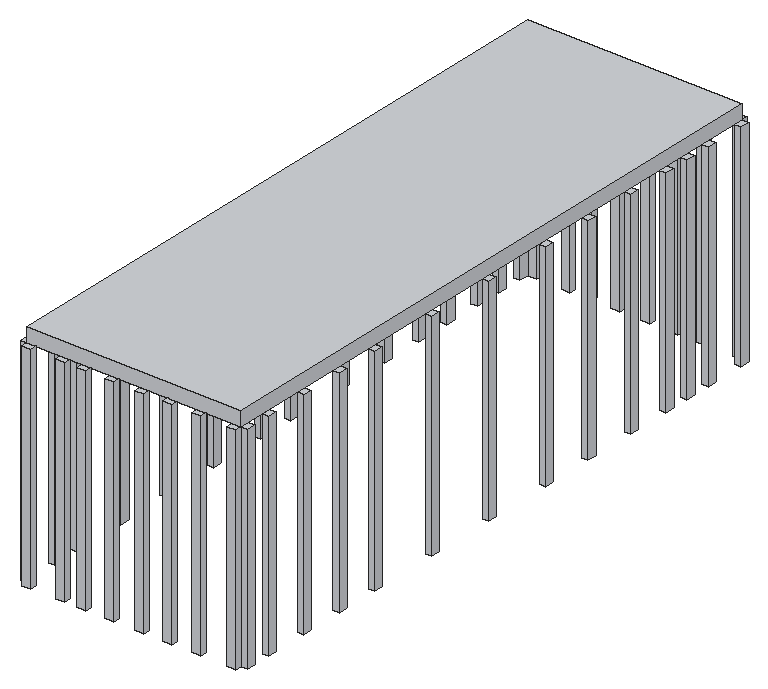
Revit family "AP - Madre", category Generic Models, Revit 2017
Family settings
  Can host rebar = No
  Round Connector Dimension = Use Diameter
  Part Type = Normal
  Work Plane-Based = No
  Always vertical = Yes
  Cut with Voids When Loaded = No
  Shared = No
  Room Calculation Point = No
Parameters
  s_Larghezza_M [instance] = 2400 mm
  Spessore_M [instance] = s_Larghezza_M / 15  # 160 mm
  Profondità_M = 7000 mm
Reference planes
  plane 1 "Center (Front/Back)": y = 0
  plane 2: z = 0
  plane 3 "Center (Left/Right)": x = 0
  plane 4: y = 7000
  plane 5: x = -2400
  plane 6: z = 160
Forms (mm)
  Extrusion 1, solid
    sketch origin (0, 0, 0) x (1, 0, 0) y (0, 1, 0)
      loop
        line (0, 7000) -> (-2400, 7000) -> (-2400, 0) -> (0, 0) -> (0, 7000)
    from 0 to 160
Dimensions and locks
  "s_Larghezza_M": plane 3 "Center (Left/Right)" to plane 5
  "Profondità_M": plane 4 to plane 1 "Center (Front/Back)"
  "Spessore_M": plane 6 to plane 2
  aligned and locked: level to plane 2
  aligned and locked: plane 4 to Extrusion 1
  aligned and locked: plane 5 to Extrusion 1
  aligned and locked: Extrusion 1 to plane 1 "Center (Front/Back)"
  aligned and locked: Extrusion 1 to plane 3 "Center (Left/Right)"
  aligned and locked: plane 6 to Extrusion 1
  aligned and locked: plane 3 "Center (Left/Right)" to nested 1
  aligned and locked: plane 3 "Center (Left/Right)" to nested 2
  aligned and locked: plane 3 "Center (Left/Right)" to nested 3
  aligned and locked: plane 3 "Center (Left/Right)" to nested 4
  aligned and locked: plane 3 "Center (Left/Right)" to nested 5
  aligned and locked: plane 3 "Center (Left/Right)" to nested 6
  aligned and locked: plane 3 "Center (Left/Right)" to nested 7
  aligned and locked: plane 3 "Center (Left/Right)" to nested 8
  aligned and locked: plane 3 "Center (Left/Right)" to nested 9
  aligned and locked: plane 3 "Center (Left/Right)" to nested 10
  aligned and locked: plane 3 "Center (Left/Right)" to nested 11
  aligned and locked: plane 3 "Center (Left/Right)" to nested 12
  aligned and locked: plane 3 "Center (Left/Right)" to nested 13
  aligned and locked: plane 3 "Center (Left/Right)" to nested 14
  aligned and locked: nested 45 to plane 5
  aligned and locked: nested 43 to plane 5
  aligned and locked: nested 42 to plane 5
  aligned and locked: nested 41 to plane 5
  aligned and locked: nested 40 to plane 5
  aligned and locked: nested 39 to plane 5
  aligned and locked: nested 38 to plane 5
  aligned and locked: nested 37 to plane 5
  aligned and locked: nested 36 to plane 5
  aligned and locked: nested 35 to plane 5
  aligned and locked: nested 34 to plane 5
  aligned and locked: nested 33 to plane 5
  aligned and locked: nested 32 to plane 5
  aligned and locked: nested 31 to plane 5
  aligned and locked: nested 44 to plane 5
Automatic sketch dimensions
  plane 1 "Center (Front/Back)" to Extrusion 1 sketch curve = 0 mm
  Extrusion 1 sketch curve to plane 3 "Center (Left/Right)" = 0 mm
  Extrusion 1 sketch curve to plane 5 = 0 mm
  Extrusion 1 sketch curve to plane 4 = 0 mm
Nested families
  nested 1: "AP - child" at (0, 0, 0), Altezza_Var_F <- "s_Larghezza_M", type "AP - child"
    with Altezza_Var_F 2400 mm
  nested 2: "AP - child" at (0, 295.2, 0), Altezza_Var_F <- "s_Larghezza_M", type "AP - child"
    with Altezza_Var_F 2400 mm
  nested 3: "AP - child" at (0, 790.4, 0), Altezza_Var_F <- "s_Larghezza_M", type "AP - child"
    with Altezza_Var_F 2400 mm
  nested 4: "AP - child" at (0, 1285.6, 0), Altezza_Var_F <- "s_Larghezza_M", type "AP - child"
    with Altezza_Var_F 2400 mm
  nested 5: "AP - child" at (0, 1780.8, 0), Altezza_Var_F <- "s_Larghezza_M", type "AP - child"
    with Altezza_Var_F 2400 mm
  nested 6: "AP - child" at (0, 2576, 0), Altezza_Var_F <- "s_Larghezza_M", type "AP - child"
    with Altezza_Var_F 2400 mm
  nested 7: "AP - child" at (0, 3371.2, 0), Altezza_Var_F <- "s_Larghezza_M", type "AP - child"
    with Altezza_Var_F 2400 mm
  nested 8: "AP - child" at (0, 4166.4, 0), Altezza_Var_F <- "s_Larghezza_M", type "AP - child"
    with Altezza_Var_F 2400 mm
  nested 9: "AP - child" at (0, 4761.6, 0), Altezza_Var_F <- "s_Larghezza_M", type "AP - child"
    with Altezza_Var_F 2400 mm
  nested 10: "AP - child" at (0, 5356.8, 0), Altezza_Var_F <- "s_Larghezza_M", type "AP - child"
    with Altezza_Var_F 2400 mm
  nested 11: "AP - child" at (0, 5852, 0), Altezza_Var_F <- "s_Larghezza_M", type "AP - child"
    with Altezza_Var_F 2400 mm
  nested 12: "AP - child" at (0, 6147.2, 0), Altezza_Var_F <- "s_Larghezza_M", type "AP - child"
    with Altezza_Var_F 2400 mm
  nested 13: "AP - child" at (0, 6442.4, 0), Altezza_Var_F <- "s_Larghezza_M", type "AP - child"
    with Altezza_Var_F 2400 mm
  nested 14: "AP - child" at (0, 6900, 0), Altezza_Var_F <- "s_Larghezza_M", type "AP - child"
    with Altezza_Var_F 2400 mm
  nested 15: "AP - child" at (-718.558, 7000, 0) x (0, 1, 0) z (0, 0, 1), Altezza_Var_F <- "s_Larghezza_M", type "AP - child"
    with Altezza_Var_F 2400 mm
  nested 16: "AP - child" at (-1029.263, 7000, 0) x (0, 1, 0) z (0, 0, 1), Altezza_Var_F <- "s_Larghezza_M", type "AP - child"
    with Altezza_Var_F 2400 mm
  nested 17: "AP - child" at (-1367.402, 7000, 0) x (0, 1, 0) z (0, 0, 1), Altezza_Var_F <- "s_Larghezza_M", type "AP - child"
    with Altezza_Var_F 2400 mm
  nested 18: "AP - child" at (-1677.166, 7000, 0) x (0, 1, 0) z (0, 0, 1), Altezza_Var_F <- "s_Larghezza_M", type "AP - child"
    with Altezza_Var_F 2400 mm
  nested 19: "AP - child" at (-400.277, 7000, 0) x (0, 1, 0) z (0, 0, 1), Altezza_Var_F <- "s_Larghezza_M", type "AP - child"
    with Altezza_Var_F 2400 mm
  nested 20: "AP - child" at (0, 7000, 0) x (0, 1, 0) z (0, 0, 1), Altezza_Var_F <- "s_Larghezza_M", type "AP - child"
    with Altezza_Var_F 2400 mm
  nested 21: "AP - child" at (-1920.72, 7000, 0) x (0, 1, 0) z (0, 0, 1), Altezza_Var_F <- "s_Larghezza_M", type "AP - child"
    with Altezza_Var_F 2400 mm
  nested 22: "AP - child" at (-2300, 7000, 0) x (0, 1, 0) z (0, 0, 1), Altezza_Var_F <- "s_Larghezza_M", type "AP - child"
    with Altezza_Var_F 2400 mm
  nested 23: "AP - child" at (-718.558, -70, 0) x (0, 1, 0) z (0, 0, 1), Altezza_Var_F <- "s_Larghezza_M", type "AP - child"
    with Altezza_Var_F 2400 mm
  nested 24: "AP - child" at (-1029.263, -70, 0) x (0, 1, 0) z (0, 0, 1), Altezza_Var_F <- "s_Larghezza_M", type "AP - child"
    with Altezza_Var_F 2400 mm
  nested 25: "AP - child" at (-1367.402, -70, 0) x (0, 1, 0) z (0, 0, 1), Altezza_Var_F <- "s_Larghezza_M", type "AP - child"
    with Altezza_Var_F 2400 mm
  nested 26: "AP - child" at (-1677.166, -70, 0) x (0, 1, 0) z (0, 0, 1), Altezza_Var_F <- "s_Larghezza_M", type "AP - child"
    with Altezza_Var_F 2400 mm
  nested 27: "AP - child" at (-400.277, -70, 0) x (0, 1, 0) z (0, 0, 1), Altezza_Var_F <- "s_Larghezza_M", type "AP - child"
    with Altezza_Var_F 2400 mm
  nested 28: "AP - child" at (0, -70, 0) x (0, 1, 0) z (0, 0, 1), Altezza_Var_F <- "s_Larghezza_M", type "AP - child"
    with Altezza_Var_F 2400 mm
  nested 29: "AP - child" at (-1920.72, -70, 0) x (0, 1, 0) z (0, 0, 1), Altezza_Var_F <- "s_Larghezza_M", type "AP - child"
    with Altezza_Var_F 2400 mm
  nested 30: "AP - child" at (-2300, -70, 0) x (0, 1, 0) z (0, 0, 1), Altezza_Var_F <- "s_Larghezza_M", type "AP - child"
    with Altezza_Var_F 2400 mm
  nested 31: "AP - child" at (-2400, 7000, 0) x (-1, 0, 0) z (0, 0, 1), Altezza_Var_F <- "s_Larghezza_M", type "AP - child"
    with Altezza_Var_F 2400 mm
  nested 32: "AP - child" at (-2400, 6700, 0) x (-1, 0, 0) z (0, 0, 1), Altezza_Var_F <- "s_Larghezza_M", type "AP - child"
    with Altezza_Var_F 2400 mm
  nested 33: "AP - child" at (-2400, 6400, 0) x (-1, 0, 0) z (0, 0, 1), Altezza_Var_F <- "s_Larghezza_M", type "AP - child"
    with Altezza_Var_F 2400 mm
  nested 34: "AP - child" at (-2400, 5980, 0) x (-1, 0, 0) z (0, 0, 1), Altezza_Var_F <- "s_Larghezza_M", type "AP - child"
    with Altezza_Var_F 2400 mm
  nested 35: "AP - child" at (-2400, 5580, 0) x (-1, 0, 0) z (0, 0, 1), Altezza_Var_F <- "s_Larghezza_M", type "AP - child"
    with Altezza_Var_F 2400 mm
  nested 36: "AP - child" at (-2400, 5100, 0) x (-1, 0, 0) z (0, 0, 1), Altezza_Var_F <- "s_Larghezza_M", type "AP - child"
    with Altezza_Var_F 2400 mm
  nested 37: "AP - child" at (-2400, 4500, 0) x (-1, 0, 0) z (0, 0, 1), Altezza_Var_F <- "s_Larghezza_M", type "AP - child"
    with Altezza_Var_F 2400 mm
  nested 38: "AP - child" at (-2400, 3794.939, 0) x (-1, 0, 0) z (0, 0, 1), Altezza_Var_F <- "s_Larghezza_M", type "AP - child"
    with Altezza_Var_F 2400 mm
  nested 39: "AP - child" at (-2400, 3371.2, 0) x (-1, 0, 0) z (0, 0, 1), Altezza_Var_F <- "s_Larghezza_M", type "AP - child"
    with Altezza_Var_F 2400 mm
  nested 40: "AP - child" at (-2400, 2721.342, 0) x (-1, 0, 0) z (0, 0, 1), Altezza_Var_F <- "s_Larghezza_M", type "AP - child"
    with Altezza_Var_F 2400 mm
  nested 41: "AP - child" at (-2400, 2044.298, 0) x (-1, 0, 0) z (0, 0, 1), Altezza_Var_F <- "s_Larghezza_M", type "AP - child"
    with Altezza_Var_F 2400 mm
  nested 42: "AP - child" at (-2400, 1423.821, 0) x (-1, 0, 0) z (0, 0, 1), Altezza_Var_F <- "s_Larghezza_M", type "AP - child"
    with Altezza_Var_F 2400 mm
  nested 43: "AP - child" at (-2400, 806.71, 0) x (-1, 0, 0) z (0, 0, 1), Altezza_Var_F <- "s_Larghezza_M", type "AP - child"
    with Altezza_Var_F 2400 mm
  nested 44: "AP - child" at (-2400, 500, 0) x (-1, 0, 0) z (0, 0, 1), Altezza_Var_F <- "s_Larghezza_M", type "AP - child"
    with Altezza_Var_F 2400 mm
  nested 45: "AP - child" at (-2400, 100, 0) x (-1, 0, 0) z (0, 0, 1), Altezza_Var_F <- "s_Larghezza_M", type "AP - child"
    with Altezza_Var_F 2400 mm
Definition of nested family "AP - child"
  Parameters (values of type "AP - child")
    Profondità_F = 70 mm
    Altezza_Var_F [instance] = 2800 mm
  Reference planes
    plane 1 "Center (Front/Back)": y = 0
    plane 2: z = 0
    plane 3 "Center (Left/Right)": x = 0
    plane 4: x = 70
    plane 5: y = 100
    plane 6: z = -2800
  Forms (mm)
    Extrusion 1, solid
      sketch origin (0, 0, 0) x (1, 0, 0) y (0, 1, 0)
        loop
          line (0, 100) -> (0, 0) -> (70, 0) -> (70, 100) -> (0, 100)
      from 0 to -2800
  Dimensions and locks
    "Profondità_F": plane 4 to plane 3 "Center (Left/Right)"
    "Altezza_Var_F": plane 2 to plane 6
    plane 1 "Center (Front/Back)" to plane 5 = 100 mm
    aligned and locked: level to plane 2
    aligned and locked: plane 5 to Extrusion 1
    aligned and locked: plane 4 to Extrusion 1
    aligned and locked: plane 1 "Center (Front/Back)" to Extrusion 1
    aligned and locked: Extrusion 1 to plane 3 "Center (Left/Right)"
    aligned and locked: plane 6 to Extrusion 1
  Automatic sketch dimensions
    Extrusion 1 sketch curve to plane 3 "Center (Left/Right)" = 0 mm
    plane 4 to Extrusion 1 sketch curve = 0 mm
    plane 1 "Center (Front/Back)" to Extrusion 1 sketch curve = 0 mm
    plane 5 to Extrusion 1 sketch curve = 0 mm
